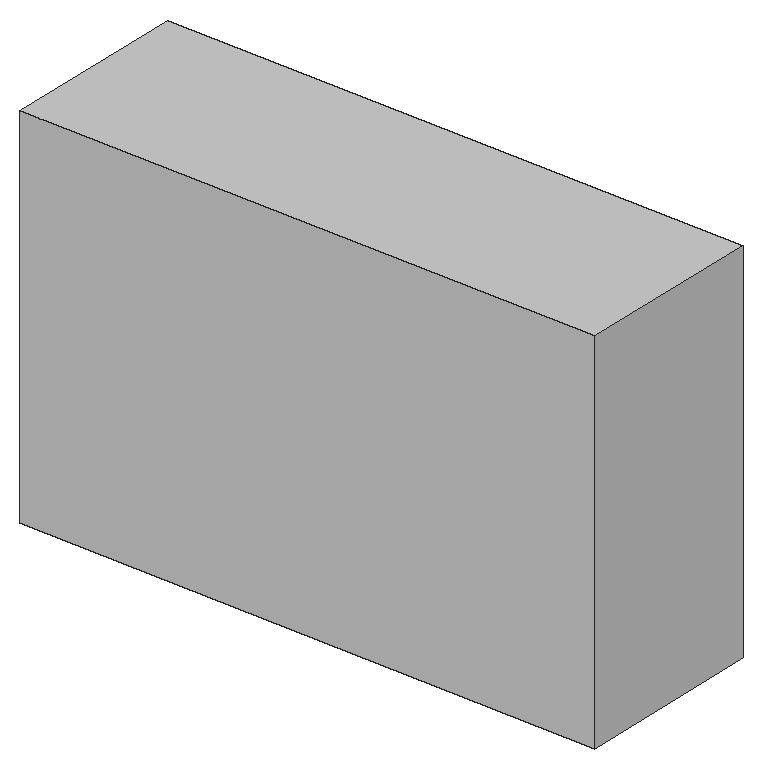
Revit family
Parameters (values of type "400 x 800mm")
  Keynote = "E"
  Beam Material [instance] = Concrete - Cast-in-Place Concrete
  Assembly Code = ""
  Length [instance] = 1524 mm
  b = 400 mm
  h = 800 mm
Types (3, lengths in mm): name | b | h
  (no name) | 400 | 800
  400 x 800mm | 400 | 800
  300 x 600mm | 300 | 600
Reference planes
  plane 1 "Center (Front/Back)": y = 0
  plane 2: z = 0
  plane 3 "Center (Left/Right)": x = 4.61
  plane 4 "Member Left": x = -604.99
  plane 5 "Member Right": x = 614.21
  plane 6: y = 200
  plane 7: y = -200
  plane 8: z = 400
  plane 9 "Bottom": z = -400
  plane 10 "Left": x = -757.39
  plane 11 "Right": x = 766.61
  plane 12: x = -617.69
  plane 13: x = 626.91
Forms (mm)
  Sweep 1, solid, material "Concrete - Cast-in-Place Concrete" <- "Beam Material"
    path origin (0, 0, 0) x (1, 0, 0) y (0, 1, 0)
      loop
        line (626.91, 0) -> (-617.69, 0)
    profile "M_Rectangular Beam-Profile : M_Rectangular Beam-Profile" origin (4.61, 0, 0) x (0, -1, 0) y (0, 0, 1)
      loop
        line (-200, -400) -> (200, -400) -> (200, 400) -> (-200, 400) -> (-200, -400)
Dimensions and locks
  "b": plane 6 to plane 7
  equal spacing: plane 9 "Bottom", plane 2, plane 8
  equal spacing: plane 6, plane 1 "Center (Front/Back)", plane 7
  "h": plane 9 "Bottom" to plane 8
  "Length": plane 10 "Left" to plane 11 "Right"
  locked: plane 12 to plane 4 "Member Left" at 12.7
  locked: plane 5 "Member Right" to plane 13 at 12.7
  aligned and locked: Sweep 1 sketch curve to plane 1 "Center (Front/Back)"
  aligned and locked: plane 12 to Sweep 1 sketch curve
  aligned and locked: plane 13 to Sweep 1 sketch curve
